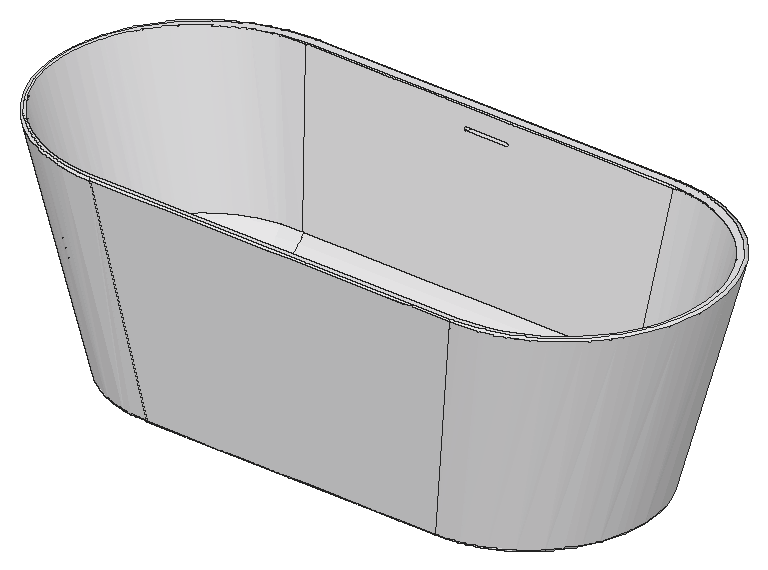
Revit family "Bath-Freestanding-KOHLER-EVOK-K-21096T", category Plumbing Fixtures, host Face, Revit 2017
Family settings
  Host = Face
  Round Connector Dimension = Use Diameter
  Part Type = Normal
  OmniClass Number = 23.31.15.00
  OmniClass Title = Bathtubs
  Cut with Voids When Loaded = No
  Shared = No
  Room Calculation Point = No
Parameters (values of type "0-White")
  Width = 31.25984"  # constant formula
  WaterSense Certified = 1 = 0  # no
  Waste Water Outlet = "Waste Water Outlet"  # constant formula
  Waste Connection = 1 = 1  # yes
  Vent Connection = 1 = 0  # no
  URL = "http://www.kohler.com.cn/"
  Type = 1
  Product Page URL = "https://www.kohler.com.cn/product/K-21096T-0/K-21096T-0/"
  Product Name = "EVOK"  # constant formula
  Product Documentation Link = "https://files.kohler.com.cn/pdfs/1590549855804_K-21096T-cct.pdf"
  Model = "K-21096T-0"  # constant formula
  Material = "LITHOCAST"  # constant formula
  Master Format 2014 Name = "Residential Bathtubs"  # constant formula
  Master Format 2014 = "22 41 19"  # constant formula
  Manufacturer Address = "Kohler Beijing Office (100016)36-2-03-B, No. 88, Liuxiang Road, Beijing"  # constant formula
  Manufacturer = "KOHLER Co."  # constant formula
  Length = 70.66929"  # constant formula
  Hot Water Inlet = "Hot Water Inlet"  # constant formula
  Height = 23 105/128"  # constant formula
  HW Connection = 1 = 0  # no
  Finish = Kohler-Lithocast-0-White
  Environmental Product Declaration = ""
  Drain Included = 1 = 1  # yes
  Description = "1.8m Chimei Stone Bathtub, Project Contribution (Including Drainage)"  # constant formula
  Default Elevation = 0"
  Declare Label = ""
  Date Modified = "01/22/2021"  # constant formula
  Date Created = "01/22/2021"  # constant formula
  Copyright = "Copyright KOHLER Co."  # constant formula
  Contact Us = "http://www.kohler.com.cn/contact/contact-us/"
  Cold Water Inlet = "Cold Water Inlet"  # constant formula
  CW Connection = 1 = 0  # no
  Assembly Code = "D2010500"
  ADA Compliant = 1 = 0  # no
Reference planes (in)
  plane 1 "Center (Front/Back)": y = 0
  plane 2: z = 0
  plane 3 "Center (Left/Right)": x = 0
  plane 4: y = 15.64444
  plane 5: y = -15.6154
  plane 6: x = -35.3279
  plane 7: x = 35.34139
  plane 8: x = -28.42617
  plane 9: x = 28.42617
  plane 10: y = 12.62598
  plane 11: y = -12.62598
  plane 12: z = 23.82031
Dimensions and locks (in)
  plane 10 to plane 11 = 25.25197"
  "Height": plane 12 to level
  plane 9 to plane 8 = 56.85233"
  "Length": plane 6 to plane 7
  "Width": plane 4 to plane 5
  aligned and locked: plane 2 to host face
  aligned and locked: level to host face
Automatic sketch dimensions
  host sketch curve to host sketch curve = 96"  (x2)
Nested families (in)
  nested 1: "K-21096T" at (0, 0, 0), type "K-21096T"
Connectors (in)
  piping at (0, 0, 2.7084), diameter 1.27953, driven by "Waste Connection", driven by "Waste Water Outlet"
    settings: on nested 1, index 1, connector inside diameter 24", connector length 0", flow factor 0, pipe flow 0 GPM, pressure drop 0.00 psi, fitting loss kfactor 0, connector angle 0.00°, fixture units 0, engagement length 0", angle of deflection 0.00°, flow configuration 0, flow direction 2, fitting loss method 0, system type 16, joint type 0, gender type 0, connector reference index -1, connector utility 1, adjustable connector no, is connector primary yes, connector description "Waste Water Outlet"
Definition of nested family "K-21096T"
  Parameters (values of type "K-21096T")
    Material = none
  Reference planes (in)
    plane 1 "Center (Front/Back)": y = 0
    plane 2: z = 0
    plane 3 "Center (Left/Right)": x = 0
    plane 4: x = -35.3279
    plane 5: x = 35.3279
    plane 6: y = 15.64444
    plane 7: y = -15.64444
    plane 8: x = -30.17717
    plane 9: x = 30.17717
    plane 10: y = 12.62598
    plane 11: y = -12.62598
    plane 12: z = 23.8189
    plane 13: y = 14.59446
    plane 14: y = 15.32335
    plane 15: y = 14.29917
    plane 16: y = -15.17215
    plane 17: y = -15.369
    plane 18: y = -14.89798
    plane 19: y = 8.13501
    plane 20: y = -8.11695
    plane 21: z = 23.60679
    plane 22: z = 0.19685
    plane 23: z = 0.31969
    plane 24: x = -28.42617
    plane 25: x = 28.42617
    plane 26: x = 25.87437
    plane 27: x = -26.16044
  Forms (in)
    Blend 1, solid, material <- "Material", detail levels medium+fine
      base sketch origin (-0.00364, 1.84989, 0) x (1, 0, 0) y (0, 1, 0)
        loop
          arc (15.78782, -14.48901) -> (28.43309, -1.84369) -> (15.78778, 10.80157) r 12.64529
          line (15.78778, 10.80157) -> (-15.74409, 10.80152)
          arc (-15.74409, 10.80152) -> (-28.38936, -1.84379) -> (-15.74405, -14.48906) r 12.64529
          line (-15.74405, -14.48906) -> (15.78782, -14.48901)
      top sketch origin (-0.00364, 1.84989, 0) x (1, 0, 0) y (0, 1, 0)
        loop
          arc (19.75454, -17.54727) -> (35.45806, -1.8438) -> (19.75459, 13.85972) r 15.7035
          line (19.75459, 13.85972) -> (-19.66567, 13.85979)
          arc (-19.66567, 13.85979) -> (-35.3692, -1.84368) -> (-19.66572, -17.54721) r 15.7035
          line (-19.66572, -17.54721) -> (19.75454, -17.54727)
      from 0.19685 to 24.20794
    Blend 2, void
      base sketch origin (-0.00364, 1.84989, 0) x (1, 0, 0) y (0, 1, 0)
        loop
          arc (17.75204, -13.1297) -> (29.04099, -1.84071) -> (17.75201, 9.44823) r 11.28896
          line (17.75201, 9.44823) -> (-18.03084, 9.44817)
          arc (-18.03084, 9.44817) -> (-29.31979, -1.84081) -> (-18.0308, -13.12976) r 11.28896
          line (-18.0308, -13.12976) -> (17.75204, -13.1297)
      top sketch origin (-0.00364, 1.84989, 0) x (1, 0, 0) y (0, 1, 0)
        loop
          line (-20.10901, -16.84969) -> (20.07307, -16.84967)
          arc (20.07307, -16.84967) -> (34.76801, -2.15471) -> (20.07306, 12.54024) r 14.69495
          line (20.07306, 12.54024) -> (-20.10902, 12.54024)
          arc (-20.10902, 12.54024) -> (-34.80398, -2.15473) -> (-20.10901, -16.84969) r 14.69497
      from 5.03937 to 24.34753
    Extrusion 3, void
      sketch origin (0, 0, 0) x (1, 0, 0) y (0, 1, 0)
        loop
          arc (15.76016, -12.62598) -> (28.02787, -0.35827) -> (15.76016, 11.90944) r 12.26771
          line (15.76016, 11.90944) -> (-15.73286, 11.90944)
          arc (-15.73286, 11.90944) -> (-28.00057, -0.35827) -> (-15.73286, -12.62598) r 12.26771
          line (-15.73286, -12.62598) -> (15.76016, -12.62598)
      from -0.83842 to 4.35127
    Extrusion 4, solid, material <- "Material", detail levels medium+fine
      sketch origin (0, 0, 0) x (1, 0, 0) y (0, 1, 0)
        loop
          line (13.77953, 6.69291) -> (13.77953, 3.93701) -> (16.53543, 3.93701) -> (16.53543, 6.69291) -> (13.77953, 6.69291)
        loop
          line (16.53543, -3.93701) -> (13.77953, -3.93701) -> (13.77953, -6.69291) -> (16.53543, -6.69291) -> (16.53543, -3.93701)
        loop
          line (-16.53543, -6.69291) -> (-13.77953, -6.69291) -> (-13.77953, -3.93701) -> (-16.53543, -3.93701) -> (-16.53543, -6.69291)
        loop
          line (-16.53543, 3.93701) -> (-13.77953, 3.93701) -> (-13.77953, 6.69291) -> (-16.53543, 6.69291) -> (-16.53543, 3.93701)
      from 0 to 4.54997
    Revolve 5, solid, material <- "Material", detail levels medium+fine
      sketch origin (0, 0, 0) x (0, 1, 0) y (0, 0, 1)
        loop
          arc (0.59049, 0.59895) -> (1.10545, 0.81225) -> (1.31875, 1.32721) r 0.72826
          line (1.31875, 1.32721) -> (1.31875, 2.56745) -> (1.73228, 2.56745) -> (1.73228, 2.7643) -> (1.31875, 2.7643) -> (1.31875, 4.77685) -> (0, 4.77685) -> (0, 0.59895) -> (0.59049, 0.59895)
        axis (0, 0.59895) -> (0, 4.77685)
      angle from 0 to 360
    Revolve 6, solid, material <- "Material", detail levels medium+fine
      sketch origin (0, -0.00024, 1.27905) x (-1, 0, 0) y (0, -1, 0)
        loop
          line (0.63976, -3.58268) -> (0.63976, -2.46485) -> (0.67221, -2.46485) -> (0.67221, -2.06951) -> (0.63976, -2.06951) -> (0.63976, -1.41732) -> (0.59015, -1.41732) -> (0.59015, -0.83268) -> (0, -0.83268) -> (0, -7.27068) -> (0.51181, -7.27068) -> (0.51181, -7.20692)
          arc (0.51181, -7.20692) -> (0.57998, -7.12975) -> (0.51181, -7.05258) r 0.07777
          line (0.51181, -7.05258) -> (0.51181, -6.89003)
          arc (0.51181, -6.89003) -> (0.57998, -6.81286) -> (0.51181, -6.73568) r 0.07777
          line (0.51181, -6.73568) -> (0.51181, -6.57405)
          arc (0.51181, -6.57405) -> (0.57998, -6.49688) -> (0.51181, -6.41971) r 0.07777
          line (0.51181, -6.41971) -> (0.51181, -6.25944)
          arc (0.51181, -6.25944) -> (0.57998, -6.18226) -> (0.51181, -6.10509) r 0.07777
          line (0.51181, -6.10509) -> (0.51181, -5.94171)
          arc (0.51181, -5.94171) -> (0.57998, -5.86454) -> (0.51181, -5.78736) r 0.07777
          line (0.51181, -5.78736) -> (0.51181, -5.62935)
          arc (0.51181, -5.62935) -> (0.57998, -5.55218) -> (0.51181, -5.47501) r 0.07777
          line (0.51181, -5.47501) -> (0.51181, -5.3152)
          arc (0.51181, -5.3152) -> (0.57998, -5.23803) -> (0.51181, -5.16086) r 0.07777
          line (0.51181, -5.16086) -> (0.51181, -5.00105)
          arc (0.51181, -5.00105) -> (0.57998, -4.92388) -> (0.51181, -4.84671) r 0.07777
          line (0.51181, -4.84671) -> (0.51181, -4.68422)
          arc (0.51181, -4.68422) -> (0.57998, -4.60705) -> (0.51181, -4.52988) r 0.07777
          line (0.51181, -4.52988) -> (0.51181, -4.36918)
          arc (0.51181, -4.36918) -> (0.57998, -4.29201) -> (0.51181, -4.21483) r 0.07777
          line (0.51181, -4.21483) -> (0.51181, -4.05469)
          arc (0.51181, -4.05469) -> (0.57998, -3.97752) -> (0.51181, -3.90035) r 0.07777
          line (0.51181, -3.90035) -> (0.51181, -3.73708)
          arc (0.51181, -3.73708) -> (0.57998, -3.65965) -> (0.5113, -3.58268) r 0.07777
          line (0.5113, -3.58268) -> (0.63976, -3.58268)
        axis (0, -7.27068) -> (0, -0.83268)
      angle from 0 to 360
    Sweep 7, solid, material <- "Material", detail levels medium+fine
      path origin (0, 0, 0) x (1, 0, 0) y (0, 1, 0)
        loop
          line (-3.54331, 11.24817) -> (-3.54331, -0.00183)
          arc (-3.54331, -0.00183) -> (0, -3.54514) -> (3.54331, -0.00183) r 3.54331
          line (3.54331, -0.00183) -> (3.54331, 11.24817)
      profile origin (0, -3.54514, 0) x (0, 1, 0) y (0, 0, 1)
        loop
          line (0.00183, 3.79932) -> (0.00183, 3.34656)
          arc (0.00183, 3.34656) -> (0.11717, 3.0681) -> (0.39563, 2.95276) r 0.3938
          line (0.39563, 2.95276) -> (1.06165, 2.95276) -> (1.06165, 5.03937) -> (-0.68835, 5.03937) -> (-0.68835, 4.19094) -> (-0.38979, 4.19094)
          arc (-0.38979, 4.19094) -> (-0.11287, 4.07624) -> (0.00183, 3.79932) r 0.39162
    Extrusion 8, solid, material <- "Material", detail levels medium+fine
      sketch origin (0, 0, 0) x (1, 0, 0) y (0, 1, 0)
        loop
          arc (-2.48166, -0.00183) -> (0, -2.48349) -> (2.48166, -0.00183) r 2.48166
          line (2.48166, -0.00183) -> (2.48166, 11.24817) -> (-2.48166, 11.24817) -> (-2.48166, -0.00183)
      from 2.95276 to 4.35127
    Extrusion 9, solid, material <- "Material", detail levels medium+fine
      sketch origin (0, 0, 0) x (1, 0, 0) y (0, 1, 0)
        loop
          circle (0, 0) r 1.73228
      from 2.42965 to 5.0886
    Sweep 10, solid, material <- "Material", detail levels medium+fine
      path origin (0, 0, 0) x (1, 0, 0) y (0, 1, 0)
        loop
          line (17.74837, 11.29813) -> (-18.03448, 11.29806)
          arc (-18.03448, 11.29806) -> (-29.32342, 0.00908) -> (-18.03444, -11.27986) r 11.28896
          line (-18.03444, -11.27986) -> (17.74841, -11.2798)
          arc (17.74841, -11.2798) -> (29.03735, 0.00918) -> (17.74837, 11.29813) r 11.28896
      profile origin (29.03735, 0.00918, 0) x (-1, -0.000002, 0) y (0, 0, 1)
        loop
          arc (4.21848, 4.94094) -> (0.77523, 6.09627) -> (-1.27432, 9.09461) r 5.70866
          line (-1.27432, 9.09461) -> (-1.32862, 9.28643) -> (-1.45739, 9.28643) -> (-0.51873, 5.52165)
          arc (-0.51873, 5.52165) -> (0.13964, 4.58141) -> (1.25804, 4.32321) r 1.60146
          line (1.25804, 4.32321) -> (5.65346, 4.94094) -> (4.21848, 4.94094)
    Sweep 11, void
      path origin (0, 0, 0) x (1, 0, 0) y (0, 1, 0)
        loop
          line (19.626, 15.70962) -> (-19.62154, 15.70968)
          arc (-19.62154, 15.70968) -> (-35.32506, 0.00621) -> (-19.62159, -15.69731) r 15.7035
          line (-19.62159, -15.69731) -> (19.62595, -15.69738)
          arc (19.62595, -15.69738) -> (35.32947, 0.00609) -> (19.626, 15.70962) r 15.7035
      profile origin (0.00223, 15.70965, 0) x (-0.000002, -1, 0) y (0, 0, 1)
        loop
          arc (1.22163, 23.8189) -> (1.52553, 23.70829) -> (1.68723, 23.42821) r 0.47278
          line (1.68723, 23.42821) -> (1.9237, 22.08712) -> (2.24006, 22.08712) -> (2.24006, 24.64618) -> (-0.7127, 24.64618) -> (-0.7127, 22.08712) -> (0.18494, 22.08712) -> (0.0023, 23.46139)
          arc (0.0023, 23.46139) -> (0.07781, 23.71114) -> (0.31544, 23.8189) r 0.31589
          line (0.31544, 23.8189) -> (1.22163, 23.8189)
    Sweep 12, void
      path origin (0, 0, 0) x (1, 0, 0) y (0, 1, 0)
        loop
          arc (15.78418, -12.63911) -> (28.42945, 0.0062) -> (15.78414, 12.65147) r 12.64529
          line (15.78414, 12.65147) -> (-15.74773, 12.65142)
          arc (-15.74773, 12.65142) -> (-28.393, 0.0061) -> (-15.74768, -12.63916) r 12.64529
          line (-15.74768, -12.63916) -> (15.78418, -12.63911)
      profile origin (-28.393, 0.0061, 0) x (-1, -0.000002, 0) y (0, 0, 1)
        loop
          arc (0.03319, 0.30912) -> (-0.03885, 0.2284) -> (-0.13546, 0.1797) r 0.29002
          line (-0.13546, 0.1797) -> (-0.25966, 0.14409) -> (0.10974, 0.14409) -> (0.10974, 0.43651) -> (0.03319, 0.30912)
    Extrusion 13, void
      sketch origin (0, 0, 0) x (1, 0, 0) y (0, 0, 1)
        loop
          line (2.16526, 22.04724) -> (-2.16556, 22.04724)
          arc (-2.16556, 22.04724) -> (-2.36241, 21.85039) -> (-2.16556, 21.65354) r 0.19685
          line (-2.16556, 21.65354) -> (2.16526, 21.65354)
          arc (2.16526, 21.65354) -> (2.36212, 21.85039) -> (2.16526, 22.04724) r 0.19685
      from -14.79581 to -13.41996
    Sweep 14, solid, material <- "Material", detail levels coarse
      path origin (0, 0, 0) x (1, 0, 0) y (0, 1, 0)
        loop
          arc (-19.81763, 15.64446) -> (-35.45593, 0.00621) -> (-19.81768, -15.63209) r 15.63827
          line (-19.81768, -15.63209) -> (19.79298, -15.63215)
          arc (19.79298, -15.63215) -> (35.43128, 0.00609) -> (19.79303, 15.64439) r 15.63827
          line (19.79303, 15.64439) -> (-19.81763, 15.64446)
      profile origin (-0.0123, 15.64442, 0) x (0.000002, 1, 0) y (0, 0, 1)
        loop
          line (-2.43432, 0) -> (0.51646, 24.03212) -> (-1.6489, 24.03212) -> (-3.58373, 8.27422)
          arc (-3.58373, 8.27422) -> (-5.07749, 5.43505) -> (-8.07754, 4.29843) r 4.52756
          line (-8.07754, 4.29843) -> (-8.99315, 4.29843) -> (-8.99315, 0) -> (-2.43432, 0)
    Extrusion 15, solid, material <- "Material", detail levels coarse
      sketch origin (0, 0, 0) x (1, 0, 0) y (0, 1, 0)
        loop
          arc (-19.81765, 6.65131) -> (-26.46278, 0.0062) -> (-19.81767, -6.63894) r 6.64512
          line (-19.81767, -6.63894) -> (19.79299, -6.639)
          arc (19.79299, -6.639) -> (26.43812, 0.00611) -> (19.79301, 6.65124) r 6.64512
          line (19.79301, 6.65124) -> (-19.81765, 6.65131)
      from 0 to 4.29843
  Cuts and joins
    Blend 2, Extrusion 3, Sweep 11, Sweep 12, Extrusion 13 cuts Blend 1
    Extrusion 13 cuts Extrusion 4
    Extrusion 13 cuts Revolve 5
    Extrusion 13 cuts Revolve 6
    Extrusion 13 cuts Sweep 7
    Extrusion 13 cuts Extrusion 8
    joined: Blend 1, Extrusion 4, Revolve 5, Revolve 6, Sweep 7, Extrusion 8, Sweep 10
    joined: Sweep 14, Extrusion 15
  Lines and regions (in)
    Masking region 1
      outline origin (0, 0, 0) x (1, 0, 0) y (0, 1, 0)
        loop
          arc (-19.6667, 15.64444) -> (-35.31114, 0) -> (-19.6667, -15.64444) r 15.64444
          line (-19.6667, -15.64444) -> (19.68244, -15.64444)
          arc (19.68244, -15.64444) -> (35.32688, 0) -> (19.68244, 15.64444) r 15.64444
          line (19.68244, 15.64444) -> (-19.6667, 15.64444)
    Masking region 2
      outline origin (0, 0, 0) x (1, 0, 0) y (0, 0, 1)
        loop
          arc (-35.02342, 23.8189) -> (-35.16791, 23.79999) -> (-35.30267, 23.74453) r 0.56147
          arc (-35.30267, 23.74453) -> (-35.31867, 23.72614) -> (-35.31983, 23.70179) r 0.03715
          line (-35.31983, 23.70179) -> (-28.4328, 0.33162)
          arc (-28.4328, 0.33162) -> (-28.3651, 0.23427) -> (-28.25258, 0.19685) r 0.18788
          line (-28.25258, 0.19685) -> (-16.53543, 0.19685) -> (-16.53543, 0) -> (-13.77953, 0) -> (-13.77953, 0.19685) -> (13.77953, 0.19685) -> (13.77953, 0) -> (16.53543, 0) -> (16.53543, 0.19685) -> (28.28459, 0.19685)
          arc (28.28459, 0.19685) -> (28.40088, 0.23554) -> (28.4708, 0.33619) r 0.19409
          line (28.4708, 0.33619) -> (35.32272, 23.63896)
          arc (35.32272, 23.63896) -> (35.3234, 23.6561) -> (35.3159, 23.67153) r 0.03521
          arc (35.3159, 23.67153) -> (35.17412, 23.78025) -> (34.99968, 23.8189) r 0.41297
          line (34.99968, 23.8189) -> (-35.02342, 23.8189)
    Masking region 3
      outline origin (0, 0, 0) x (0, 1, 0) y (0, 0, 1)
        loop
          line (15.40759, 23.8189) -> (-15.40759, 23.8189)
          arc (-15.40759, 23.8189) -> (-15.54103, 23.78629) -> (-15.64439, 23.69583) r 0.28936
          line (-15.64439, 23.69583) -> (-12.66829, 0.33094)
          arc (-12.66829, 0.33094) -> (-12.61747, 0.23515) -> (-12.51603, 0.19685) r 0.15349
          line (-12.51603, 0.19685) -> (-6.69291, 0.19685) -> (-6.69291, 0) -> (-3.93701, 0) -> (-3.93701, 0.19685) -> (3.93701, 0.19685) -> (3.93701, 0) -> (6.69291, 0) -> (6.69291, 0.19685) -> (12.53437, 0.19685)
          arc (12.53437, 0.19685) -> (12.62205, 0.22996) -> (12.66597, 0.31275) r 0.13266
          line (12.66597, 0.31275) -> (15.64439, 23.69583)
          arc (15.64439, 23.69583) -> (15.54103, 23.78629) -> (15.40759, 23.8189) r 0.28936
    symbolic lines, detail levels medium+fine
      curve 1: arc (0, 1.73228, 0) -> (-1.73228, 0, 0) -> (0, -1.73228, 0) r 1.73228
      curve 2: arc (0, -1.73228, 0) -> (1.73228, 0, 0) -> (0, 1.73228, 0) r 1.73228
      curve 5: line (-16.53543, 0, 0.19685) -> (-13.77953, 0, 0.19685)
      curve 6: line (13.77953, 0, 0.19685) -> (16.53543, 0, 0.19685)
      curve 7: line (-28.42928, 0, 0.31969) -> (28.46595, 0, 0.31969)
      curve 8: line (35.31326, 0, 23.60679) -> (-35.29183, 0, 23.60679)
      curve 9: line (0, 15.64444, 23.60679) -> (0, -15.63305, 23.60679)
      curve 10: line (0, 6.69291, 0.19685) -> (0, 3.93701, 0.19685)
      curve 11: line (0, -3.93701, 0.19685) -> (0, -6.69291, 0.19685)
      curve 12: line (0, -12.66685, 0.31969) -> (0, 12.66685, 0.31969)
      curve 19: line (-19.77044, 15.32335, 0) -> (19.77446, 15.32335, 0)
      curve 20: line (19.8792, 14.59446, 0) -> (-19.94364, 14.59446, 0)
      curve 21: line (19.8792, -15.17215, 0) -> (-19.94364, -15.17215, 0)
      curve 22: line (-19.77044, -15.369, 0) -> (19.77446, -15.369, 0)
      curve 23: arc (-19.94364, -15.17215, 0) -> (-34.82694, -0.28885, 0) -> (-19.94364, 14.59446, 0) r 14.8833
      curve 24: arc (-19.77044, -15.369, 0) -> (-35.11662, -0.02282, 0) -> (-19.77044, 15.32335, 0) r 15.34618
      curve 25: arc (19.8792, 14.59446, 0) -> (34.76251, -0.28885, 0) -> (19.8792, -15.17215, 0) r 14.8833
      curve 26: arc (19.77446, -15.369, 0) -> (35.12064, -0.02282, 0) -> (19.77446, 15.32335, 0) r 15.34618
      curve 27: line (17.74838, 8.13514, 0) -> (-18.03447, 8.13508, 0)
      curve 28: arc (-18.03447, 8.13508, 0) -> (-26.16044, 0.00909, 0) -> (-18.03445, -8.11688, 0) r 8.12598
      curve 29: line (-18.03445, -8.11688, 0) -> (17.7484, -8.11682, 0)
      curve 30: arc (17.7484, -8.11682, 0) -> (25.87437, 0.00918, 0) -> (17.74838, 8.13514, 0) r 8.12598
      curve 31: line (-17.55051, 12.62598, 0) -> (17.54644, 12.62598, 0)
      curve 32: line (17.54644, -12.62598, 0) -> (-17.55051, -12.62598, 0)
      curve 33: arc (-17.55051, -12.62598, 0) -> (-30.17649, 0, 0) -> (-17.55051, 12.62598, 0) r 12.62598
      curve 34: arc (17.54644, 12.62598, 0) -> (30.17242, 0, 0) -> (17.54644, -12.62598, 0) r 12.62598
    symbolic lines
      curve 3: arc (0, -1.31875, 0) -> (1.31875, 0, 0) -> (0, 1.31875, 0) r 1.31875
      curve 4: arc (0, 1.31875, 0) -> (-1.31875, 0, 0) -> (0, -1.31875, 0) r 1.31875
      curve 13: line (20.13135, 14.29918, 0) -> (-19.96727, 14.29918, 0)
      curve 14: spline (-25.66154, 13.18662, 0) -> (-25.20901, 13.36593, 0) -> (-24.75073, 13.52999, 0) -> (-24.2872, 13.67859, 0) -> (-23.81897, 13.81158, 0) -> (-23.34654, 13.92881, 0) -> (-22.87045, 14.03014, 0) -> (-22.39124, 14.11545, 0) -> (-21.90944, 14.18467, 0) -> (-21.4256, 14.2377, 0) -> (-20.94026, 14.27448, 0) -> (-20.45397, 14.29498, 0) -> (-19.96727, 14.29918, 0)
      curve 15: arc (-20.05574, -14.89795, 0) -> (-34.37501, -3.15441, 0) -> (-25.66151, 13.18655, 0) r 14.60172
      curve 16: line (-20.05574, -14.89795, 0) -> (20.00589, -14.89792, 0)
      curve 17: arc (26.45129, 12.80593, 0) -> (34.22775, -3.60499, 0) -> (20.00589, -14.89792, 0) r 14.6017
      curve 18: spline (20.13135, 14.29918, 0) -> (20.67688, 14.28523, 0) -> (21.22151, 14.25081, 0) -> (21.76447, 14.19598, 0) -> (22.305, 14.12081, 0) -> (22.84233, 14.02541, 0) -> (23.37571, 13.90992, 0) -> (23.90438, 13.7745, 0) -> (24.4276, 13.61934, 0) -> (24.94463, 13.44465, 0) -> (25.45474, 13.25069, 0) -> (25.95722, 13.03772, 0) -> (26.45135, 12.80605, 0)
  Dimensions and locks (in)
    plane 4 to plane 3 "Center (Left/Right)" = 35.3279"
    plane 3 "Center (Left/Right)" to plane 5 = 35.3279"
    plane 4 to plane 5 = 70.65579"
    plane 7 to plane 6 = 31.28888"
    plane 8 to plane 3 "Center (Left/Right)" = 30.17717"
    plane 1 "Center (Front/Back)" to plane 10 = 12.62598"
    plane 12 to level = 23.8189"
    plane 8 to plane 9 = 60.35433"
    aligned and locked: plane 2 to level
